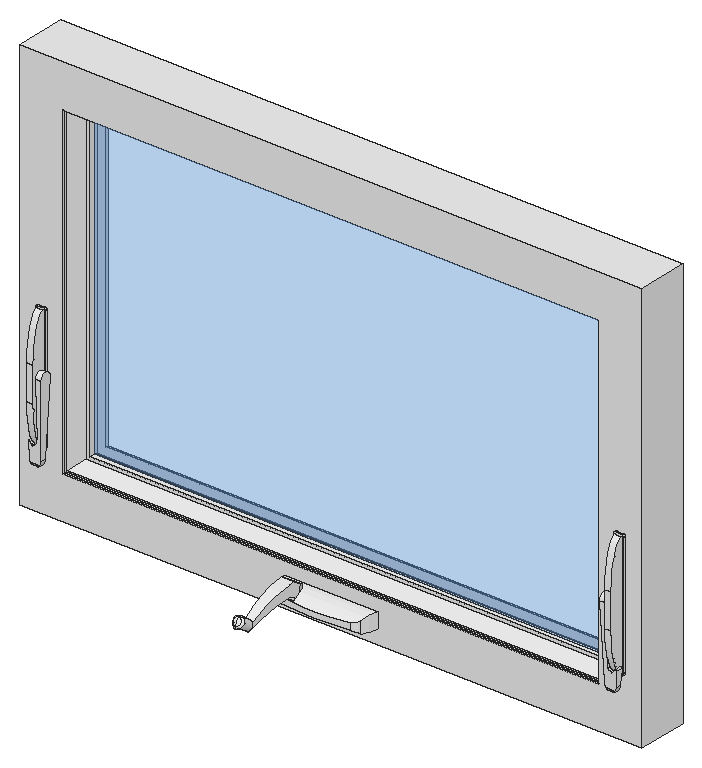
Revit family
Parameters (values of type "36" x 24"")
  Visible Light Transmission = 0.46
  Grid Width = Width - (2 3/8" * 2)  # 30 3/4"
  Grid Type [instance] = Grid-Milgard-Flat : 5/8"
  Grid Height = Height - (2 3/8" * 2)  # 18 3/4"
  URL = "http://pro.milgard.com/"
  U Values URL = "http://pro.milgard.com/_doc/products/performance-ratings/pdf/performanceratings-awning-casement-casementpicture.pdf"
  U Value = 0.29
  Style = "Awning"  # constant formula
  Solar Heat Gain Coefficient = 0.2
  Rough Width = Width + 1/2"  # 36"
  Rough Height = Height + 1/2"  # 24"
  R Value = 0
  Product Page URL = "http://pro.milgard.com/product-details/details.asp?p=105&n=style-line-awning-window"
  Product Documentation Link = "http://pro.milgard.com/architectural-library/vinyl-style-line.asp?p=105&n=vinyl-style-line-awning-window"
  Model = "Style Line™ Series"  # constant formula
  Manufacturer = "© 2012 Milgard Manufacturing, Inc."  # constant formula
  LEED Credit = ""
  Interior Frame Color [instance] = Vinyl - Milgard - White
  Height = 23 1/2"
  Has Grid [instance] = no
  Hardware Color [instance] = Vinyl - Milgard - White
  Green Building-LEED = "http://pro.milgard.com/milgard-initiatives/leed.asp"
  Glass Material [instance] = Glass - Milgard - P516
  Exterior Frame Color [instance] = Vinyl - Milgard - White
  Energy Star Zone = ""
  Description = "Vinyl Windows"  # constant formula
  Default Sill Height = 36"
  Wall Closure = (empty or 0)
  Width = 35 1/2"
  Assembly Code = "B2020100"
  Approximated Vertical Grid Spacing = 11"
  Approximated Horizontal Grid Spacing = 11"
  Air Leakage = 0
Types (4): name | Grid Width | Grid Height | Rough Width | Rough Height | Height | Width | Approximated Vertical Grid Spacing | Approximated Horizontal Grid Spacing
  (no name) | 30 3/4" | 18 3/4" | 36" | 24" | 23 1/2" | 35 1/2" | 11" | 11"
  36" x 24" | 30 3/4" | 18 3/4" | 36" | 24" | 23 1/2" | 35 1/2" | 11" | 11"
  48" x 36" | 42 3/4" | 30 3/4" | 48" | 36" | 35 1/2" | 47 1/2" | 11" | 11"
  18" x 12" | 12 3/4" | 6 3/4" | 18" | 12" | 11 1/2" | 17 1/2" | 10" | 10"
Reference planes (in)
  plane 1 "Center (Front/Back)": y = 0
  plane 2 "Center (Left/Right)": x = 0
  plane 3 "Left": x = -17.75
  plane 4 "Right": x = 17.75
  plane 5 "Sill": z = 36
  plane 6 "Top": z = 59.5
  plane 7 "Exterior": y = 3.93701
  plane 8 "Interior": y = -3.93701
  plane 9 "CL of Sash": y = 3.12451
  plane 10 "Top of Sash": z = 57.125
  plane 11 "Bottom of Sash": z = 38.375
  plane 12 "Center of Sash (Top/Bottom)": z = 47.75
  plane 13: z = 43
Forms (in)
  Sweep 1, solid, material "Vinyl - Milgard - White" <- "Exterior Frame Color"
    path origin (0, 3.12451, 0) x (0, 0, 1) y (-1, 0, 0)
      loop
        line (57.125, -15.375) -> (57.125, 15.375) -> (38.375, 15.375) -> (38.375, -15.375) -> (57.125, -15.375)
    profile "Window-Awning-Milgard-Sash-6410-2D : VX6302NF" origin (0, 3.12451, 57.125) x (0, 0, -1) y (0, -1, 0)
      loop
        line (0, -0.4375) -> (0, 0.4375) -> (0.5, 0.4375) -> (0.5, 0.70396) -> (0.29485, 0.70396) -> (0.02021, 1.72896) -> (-0.333, 1.72896) -> (-0.333, 0.23396) -> (-1.1195, 0.23396) -> (-1.1195, -0.56604) -> (-1.40625, -0.56604) -> (-1.40625, -0.73604) -> (-0.75, -0.73604) -> (-0.375, -0.63604) -> (-0.125, -0.63604) -> (-0.125, -0.5835) -> (0.5, -0.5835) -> (0.5, -0.4375) -> (0, -0.4375)
  Sweep 2, solid, material "Vinyl - Milgard - White" <- "Exterior Frame Color"
    path origin (-75.69749, 3.93701, 11.99263) x (1, 0, 0) y (0, 0, 1)
      loop
        line (93.44749, 47.50737) -> (57.94749, 47.50737) -> (57.94749, 24.00737) -> (93.44749, 24.00737) -> (93.44749, 47.50737)
    profile "Window-Awning-Milgard-Frame-6430J-2D : 6430J" origin (0, 3.93701, 59.5) x (0, 0, -1) y (0, -1, 0)
      loop
        line (1.232, 2.685) -> (2.0415, 2.685) -> (2.0415, 2.615) -> (2.3945, 2.615) -> (2.3945, 2.825) -> (2.4575, 2.825) -> (2.4575, 2.875) -> (0, 2.875) -> (0, 0) -> (0.74188, 0) -> (0.8821, 0.489) -> (0.8175, 0.489) -> (0.8175, 0.671) -> (0.78625, 0.671) -> (0.78625, 0.891) -> (0.8175, 0.891) -> (0.8175, 1.219) -> (1.232, 1.219) -> (1.232, 2.685)
Lines and regions (in)
  Opening 1
    outline origin (137.79528, -3.93701, 0) x (1, 0, 0) y (0, 0, 1)
      loop
        line (-120.04528, 36) -> (-120.04528, 59.5) -> (-155.54528, 59.5) -> (-155.54528, 36) -> (-120.04528, 36)
  Masking region 1
    outline origin (0, 0, 0) x (1, 0, 0) y (0, 1, 0)
      loop
        line (-17.75, 3.93701) -> (-17.75, 1.06201) -> (17.75, 1.06201) -> (17.75, 3.93701) -> (-17.75, 3.93701)
  symbolic lines
    curve 1: line (16.8305, 3.93701, 0) -> (16.8305, 1.06201, 0)
    curve 5: line (-16.8305, 1.06201, 0) -> (-16.8305, 3.93701, 0)
  symbolic lines, detail levels medium+fine
    curve 2: line (15.375, 3.93701, 0) -> (15.375, 2.40475, 0)
    curve 3: line (16.8305, 3.93701, 0) -> (15.375, 3.93701, 0)
    curve 4: line (15.375, 2.40475, 0) -> (16.8305, 2.40475, 0)
    curve 9: line (15.375, 2.40475, 0) -> (15.375, 3.93701, 0)
    curve 10: line (-15.375, 3.93701, 0) -> (-15.375, 2.40475, 0)
    curve 11: line (-16.8305, 3.93701, 0) -> (-15.375, 3.93701, 0)
    curve 12: line (-15.375, 2.40475, 0) -> (-16.8305, 2.40475, 0)
    curve 13: line (15.375, 3.93701, 0) -> (-0.7345, 3.93701, 0)
  symbolic lines, detail levels fine
    curve 6: line (1.857, 3.93701, 0) -> (15.375, 3.93701, 0)
    curve 7: line (1.857, 2.40475, 0) -> (15.375, 2.40475, 0)
    curve 16: line (15.375, 3.93701, 0) -> (-15.375, 3.93701, 0)
    curve 17: line (15.375, 2.40475, 0) -> (-15.375, 2.40475, 0)
  symbolic lines, style "WindowsGlassProjection", detail levels coarse
    curve 8: line (16.8305, 3.12451, 0) -> (-16.8305, 3.12451, 0)
  symbolic lines, style "WindowsGlassProjection", detail levels medium+fine
    curve 14: line (15.375, 3.56201, 0) -> (-15.375, 3.56201, 0)
    curve 15: line (15.375, 2.68701, 0) -> (-15.375, 2.68701, 0)
  symbolic lines, style "Elevation Swing"
    curve 18: line (-15.35479, -3.93701, 38.39521) -> (0, -3.93701, 57.046)
    curve 19: line (0, -3.93701, 57.046) -> (15.35479, -3.93701, 38.39521)
Text (in)
  text "EXTERIOR" at (-77.29147, 52.45485, 0), in view "Ref. Level"
  text "INTERIOR" at (-78.01048, -32.21994, 0), in view "Ref. Level"
  text "Exterior" at (0, 36.36817, 115.8778), in view "Right"
  text "Exterior" at (0, 40.96394, 105.72475), in view "Left"
Dimensions and locks (in)
  equal spacing: plane 3 "Left", plane 2 "Center (Left/Right)", plane 4 "Right"
  "Width": plane 3 "Left" to plane 4 "Right"
  "Height": plane 5 "Sill" to plane 6 "Top"
  "Default Sill Height": plane 5 "Sill" to level
  locked: plane 7 "Exterior" to host wall at 0
  locked: plane 8 "Interior" to host wall
  locked: plane 7 "Exterior" to plane 9 "CL of Sash" at 0.8125
  locked: plane 6 "Top" to plane 10 "Top of Sash" at 2.375
  locked: plane 5 "Sill" to plane 11 "Bottom of Sash" at 2.375
  equal spacing: plane 10 "Top of Sash", plane 12 "Center of Sash (Top/Bottom)", plane 11 "Bottom of Sash"
  locked: Sweep 1 sketch curve to plane 3 "Left" at 2.375
  locked: plane 13 to plane 5 "Sill" at 7
  locked: nested 3 to plane 5 "Sill" at 1.25
  locked: plane 3 "Left" to nested 4 at 1.25
  locked: nested 5 to plane 4 "Right" at 1.25
  locked: plane 4 "Right" to Sweep 1 sketch curve at 2.375
  locked: curve 4 to plane 7 "Exterior" at 1.53225
  aligned and locked: plane 7 "Exterior" to Masking region 1 sketch curve
  aligned and locked: Masking region 1 sketch curve to plane 3 "Left"
  aligned and locked: plane 4 "Right" to Masking region 1 sketch curve
  aligned and locked: plane 7 "Exterior" to curve 1
  aligned and locked: Masking region 1 to curve 1
  aligned and locked: plane 7 "Exterior" to curve 5
  aligned and locked: Masking region 1 to curve 5
  aligned and locked: plane 12 "Center of Sash (Top/Bottom)" to nested 1
  aligned and locked: plane 12 "Center of Sash (Top/Bottom)" to nested 2
  aligned and locked: Sweep 1 sketch curve to plane 10 "Top of Sash"
  aligned and locked: plane 11 "Bottom of Sash" to Sweep 1 sketch curve
  aligned and locked: curve 8 to plane 9 "CL of Sash"
  aligned and locked: curve 9 to curve 14
  aligned and locked: curve 10 to curve 15
  aligned and locked: curve 11 to curve 16
  aligned and locked: Sweep 2 sketch curve to Sweep 2 sketch curve
  aligned and locked: plane 5 "Sill" to Sweep 2 sketch curve
  aligned and locked: plane 6 "Top" to Sweep 2 sketch curve
  aligned and locked: Sweep 2 sketch curve to plane 3 "Left"
  aligned and locked: curve 10 to nested 1
  aligned and locked: curve 9 to Sweep 1
  aligned and locked: plane 13 to nested 4
  aligned and locked: nested 5 to plane 13
  aligned and locked: nested 3 to plane 2 "Center (Left/Right)"
  aligned and locked: Sweep 2 sketch curve to plane 4 "Right"
  aligned and locked: plane 2 "Center (Left/Right)" to nested 1
  aligned and locked: plane 2 "Center (Left/Right)" to nested 2
  aligned: Masking region 1 to nested 4
  aligned: nested 3 to Masking region 1
  aligned: nested 5 to Masking region 1
  aligned and locked: nested 5 to Sweep 2
  aligned and locked: nested 3 to Sweep 2
  aligned and locked: Sweep 2 to nested 4
  aligned and locked: Masking region 1 to Sweep 2
  aligned and locked: curve 1 to curve 8
  aligned and locked: curve 17 to curve 4
  aligned and locked: curve 4 to curve 12
  aligned and locked: curve 14 to nested 1
  aligned and locked: curve 15 to nested 1
  aligned and locked: Masking region 1 sketch curve to Sweep 2
Automatic sketch dimensions
  plane 3 "Left" to Opening 1 sketch curve = 0"
  plane 4 "Right" to Opening 1 sketch curve = 0"
  Opening 1 sketch curve to plane 5 "Sill" = 0"
  Opening 1 sketch curve to plane 6 "Top" = 0"
  plane 2 "Center (Left/Right)" to curve 19 = 0"
  plane 11 "Bottom of Sash" to curve 18 = 0.02021"
  curve 18 to plane 3 "Left" = 2.39521"
  plane 11 "Bottom of Sash" to curve 19 = 0.02021"
  plane 4 "Right" to curve 19 = 2.39521"
  curve 19 to plane 10 "Top of Sash" = 0.079"
  curve 12 to plane 3 "Left" = 0.9195"
  plane 2 "Center (Left/Right)" to curve 13 = 0.7345"
  curve 7 to curve 9 = 0"
  plane 4 "Right" to curve 1 = 0.9195"
  curve 6 to curve 7 = 0"
  curve 7 to plane 2 "Center (Left/Right)" = 1.857"
Nested families (in)
  nested 1: "Glazing-Milgard" at (0, 3.12451, 47.75) x (-1, 0, 0) z (0, -1, 0), Width <- "Grid Width", Height <- "Grid Height", type "Glazing-Milgard"
    with Width 30 3/4", Thick 7/8", Height 18 3/4"
  nested 2: "Grid-Milgard-Flat" at (0, 3.12451, 47.75) x (-1, 0, 0) z (0, -1, 0), Y Grid Spacing <- "Approximated Vertical Grid Spacing", X Grid Spacing <- "Approximated Horizontal Grid Spacing", visible <- "Has Grid", Interior Grid Material <- "Interior Frame Color", Grid Material <- "Exterior Frame Color", Width <- "Grid Width", Height <- "Grid Height", type <- "Grid Type", type "5/8""
    with Y Single Grid yes, Y Multiple Grid no, Y Grid Spacing 11", Y Grid Qty 1, Y Grid Location 0", Y Grid Array 2, X Single Grid no, X Multiple Grid yes, X Grid Spacing 11", X Grid Qty 2, X Grid Location 5 1/2", X Grid Array 2, Width 30 3/4", Interior Grid Material Vinyl - Milgard - White, Height 18 3/4", Grid Material Vinyl - Milgard - White
  nested 3: "Handle-Milgard-Style_Line" at (0, 1.06201, 37.25) x (1, 0, 0) z (0, -1, 0), type "Handle-Milgard-Folding_Nesting_Operator_Handle", detail levels medium+fine
  nested 4: "Lock-Milgard-Style_Line" at (-16.5, 1.06201, 43) x (-1, 0, 0) z (0, -1, 0), type "Lock", detail levels fine
  nested 5: "Lock-Milgard-Style_Line" at (16.5, 1.06201, 43) x (1, 0, 0) z (0, -1, 0), type "Lock", detail levels fine
Definition of nested family "Glazing-Milgard"
  Parameters (values of type "Glazing-Milgard")
    Width [instance] = 30"
    Thick [instance] = 1"
    Material = none
    Height [instance] = 30"
    Default Elevation = 48"
    Assembly Code = ""
  Reference planes (in)
    plane 1 "Center (Elevation)": y = 0
    plane 2: z = 0
    plane 3 "Center (Left/Right)": x = 0
    plane 4 "Top": y = 15
    plane 5 "Bottom": y = -15
    plane 6 "Left": x = -15
    plane 7 "Right": x = 15
    plane 8 "Front": z = 0.5
    plane 9 "Back": z = -0.5
  Forms (in)
    Extrusion 1, solid, material <- "Material"
      sketch origin (0, 0, 0) x (1, 0, 0) y (0, 0, 1)
        loop
          line (-15, 0.5) -> (-15, 0.375) -> (15, 0.375) -> (15, 0.5) -> (-15, 0.5)
        loop
          line (-15, -0.375) -> (-15, -0.5) -> (15, -0.5) -> (15, -0.375) -> (-15, -0.375)
      from -15 to 15
  Dimensions and locks (in)
    equal spacing: plane 6 "Left", plane 3 "Center (Left/Right)", plane 7 "Right"
    "Width": plane 6 "Left" to plane 7 "Right"
    equal spacing: plane 4 "Top", plane 1 "Center (Elevation)", plane 5 "Bottom"
    "Height": plane 4 "Top" to plane 5 "Bottom"
    equal spacing: plane 8 "Front", level, plane 9 "Back"
    "Thick": plane 8 "Front" to plane 9 "Back"
    locked: plane 8 "Front" to Extrusion 1 sketch curve at 0.125
    locked: Extrusion 1 sketch curve to plane 9 "Back" at 0.125
    aligned and locked: level to plane 2
    aligned and locked: plane 9 "Back" to Extrusion 1 sketch curve
    aligned and locked: Extrusion 1 sketch curve to plane 7 "Right"  (x2)
    aligned and locked: plane 6 "Left" to Extrusion 1 sketch curve  (x2)
    aligned and locked: Extrusion 1 sketch curve to plane 8 "Front"
    aligned and locked: plane 4 "Top" to Extrusion 1
    aligned and locked: Extrusion 1 to plane 5 "Bottom"
  Automatic sketch dimensions
    plane 9 "Back" to Extrusion 1 sketch curve = 1/8"
Definition of nested family "Grid-Milgard-Flat"
  Parameters (values of type "7/8"")
    Y Single Grid [instance] = Y Grid Qty = 1  # no
    Y Multiple Grid [instance] = Y Grid Qty > 1  # yes
    Y Grid Spacing [instance] = 10"
    Y Grid Qty [instance] = if(Height < 15", (Height / Y Grid Spacing), (Height / Y Grid Spacing) - 1)  # 3
    Y Grid Location [instance] = ((Y Grid Qty - 1) * Y Grid Spacing) / 2  # 10"
    Y Grid Array [instance] = if(Y Grid Qty = 1, Y Grid Qty + 1, Y Grid Qty)  # 3
    X Single Grid [instance] = X Grid Qty = 1  # no
    X Multiple Grid [instance] = X Grid Qty > 1  # yes
    X Grid Spacing [instance] = 10"
    X Grid Qty [instance] = if(Width < 15", (Width / X Grid Spacing), (Width / X Grid Spacing) - 1)  # 3
    X Grid Location [instance] = ((X Grid Qty - 1) * X Grid Spacing) / 2  # 10"
    X Grid Array [instance] = if(X Grid Qty = 1, X Grid Qty + 1, X Grid Qty)  # 3
    Width [instance] = 40"
    Interior Grid Material [instance] = none
    Height [instance] = 40"
    Grid Material [instance] = none
    Default Elevation = 48"
    Assembly Code = ""
  Types (2): name
    7/8"
    5/8"
  Reference planes (in)
    plane 1 "Center (Front/Back)": y = 0
    plane 2: z = 0
    plane 3 "Center (Left/Right)": x = 0
    plane 4 "Left": x = -20
    plane 5 "Right": x = 20
    plane 6 "Top": y = 20
    plane 7 "Bottom": y = -20
  Dimensions and locks (in)
    equal spacing: plane 4 "Left", plane 3 "Center (Left/Right)", plane 5 "Right"
    equal spacing: plane 6 "Top", plane 1 "Center (Front/Back)", plane 7 "Bottom"
    "Width": plane 4 "Left" to plane 5 "Right"
    "Height": plane 6 "Top" to plane 7 "Bottom"
    equal spacing: group 1, group 2, group 5  (x3)
    "X Grid Spacing": nested 1 to nested 3
    equal spacing: group 3, group 4, group 6  (x2)
    equal spacing: group 6, group 4, group 3
    "Y Grid Location": plane 1 "Center (Front/Back)" to nested 2
    "Y Grid Spacing": nested 4 to nested 2
    "X Grid Location": nested 1 to plane 3 "Center (Left/Right)"
    aligned and locked: nested 1 to plane 1 "Center (Front/Back)"
    aligned and locked: plane 3 "Center (Left/Right)" to nested 2
    aligned and locked: nested 3 to plane 1 "Center (Front/Back)"
    aligned and locked: plane 1 "Center (Front/Back)" to nested 5
    aligned and locked: plane 4 "Left" to nested 5
    aligned and locked: plane 5 "Right" to nested 5
    aligned and locked: plane 6 "Top" to nested 6
    aligned and locked: plane 3 "Center (Left/Right)" to nested 6
    aligned and locked: plane 4 "Left" to nested 7
    aligned and locked: plane 5 "Right" to nested 7
    aligned and locked: plane 4 "Left" to nested 8
    aligned and locked: plane 5 "Right" to nested 8
    aligned and locked: plane 1 "Center (Front/Back)" to nested 8
    aligned and locked: nested 9 to plane 6 "Top"
    aligned and locked: nested 9 to plane 3 "Center (Left/Right)"
    aligned and locked: plane 1 "Center (Front/Back)" to nested 7
    aligned and locked: nested 10 to plane 6 "Top"
    aligned and locked: nested 10 to plane 3 "Center (Left/Right)"
  Nested families (in)
    nested 1: "Grid_Bar-Milgard-Flat" at (-10, 0, 0) x (0, 1, 0) z (0, 0, 1), Grid Length <- "Height", visible <- "X Multiple Grid", type "7/8""
      with Grid Length 40"
    nested 2: "Grid_Bar-Milgard-Flat" at (0, 10, 0), Grid Length <- "Width", visible <- "Y Multiple Grid", type "7/8""
      with Grid Length 40"
    nested 3: "Grid_Bar-Milgard-Flat" at (0, 0, 0) x (0, 1, 0) z (0, 0, 1), Grid Length <- "Height", visible <- "X Multiple Grid", type "7/8""
      with Grid Length 40"
    nested 4: "Grid_Bar-Milgard-Flat" at (0, 0, 0), Grid Length <- "Width", visible <- "Y Multiple Grid", type "7/8""
      with Grid Length 40"
    nested 5: "Grid_Bar-Milgard-Flat" at (0, 0, 0), visible <- "Y Single Grid", Grid Length <- "Width", type "7/8""
      with Grid Length 40"
    nested 6: "Grid_Bar-Milgard-Flat" at (0, 0, 0) x (0, 1, 0) z (0, 0, 1), visible <- "X Single Grid", Grid Length <- "Height", type "7/8""
      with Grid Length 40"
    nested 7: "Grid_Bar-Milgard-Flat" at (0, 0, 0), visible <- "Y Single Grid", Grid Length <- "Width", type "7/8""
      with Grid Length 40"
    nested 8: "Grid_Bar-Milgard-Flat" at (0, 0, 0), Grid Length <- "Width", visible <- "Y Single Grid", type "7/8""
      with Grid Length 40"
    nested 9: "Grid_Bar-Milgard-Flat" at (0, 0, 0) x (0, -1, 0) z (0, 0, 1), Grid Length <- "Height", visible <- "X Single Grid", type "7/8""
      with Grid Length 40"
    nested 10: "Grid_Bar-Milgard-Flat" at (0, 0, 0) x (0, -1, 0) z (0, 0, 1), visible <- "X Single Grid", Grid Length <- "Height", type "7/8""
      with Grid Length 40"
    nested 11: "Grid_Bar-Milgard-Flat" at (10, 0, 0) x (0, 1, 0) z (0, 0, 1), Grid Length <- "Height", visible <- "X Multiple Grid", type "7/8""
      with Grid Length 40"
    nested 12: "Grid_Bar-Milgard-Flat" at (0, -10, 0), Grid Length <- "Width", visible <- "Y Multiple Grid", type "7/8""
      with Grid Length 40"
  Definition of nested family "Grid_Bar-Milgard-Flat"
    Parameters (values of type "5/8"")
      Interior Material = none
      Grid Material = none
      Grid Length [instance] = 46 1/2"
      Grid Height = 5/8"
      Grid Depth = 3/16"
      Default Elevation = 48"
      Assembly Code = ""
    Types (2): name | Grid Height
      5/8" | 5/8"
      7/8" | 7/8"
    Reference planes (in)
      plane 1 "Center (Front/Back)": y = 0
      plane 2: z = 0
      plane 3 "Center (Left/Right)": x = 0
      plane 4 "Left": x = -23.25
      plane 5 "Right": x = 23.25
      plane 6: y = 0.3125
      plane 7: y = -0.3125
      plane 8: z = 0.09375
      plane 9: z = -0.09375
    Forms (in)
      Sweep 1, solid, material <- "Grid Material"
        path origin (0, 0, 0) x (1, 0, 0) y (0, 1, 0)
          loop
            line (-23.25, 0) -> (23.25, 0)
        profile origin (0, 0, 0) x (0, 1, 0) y (0, 0, 1)
          loop
            line (0.3125, 0.09375) -> (-0.3125, 0.09375) -> (-0.3125, -0.09375) -> (0.3125, -0.09375) -> (0.3125, 0.09375)
    Lines and regions (in)
      symbolic lines, detail levels coarse+medium
        curve 1: line (-23.25, 0, 0) -> (23.25, 0, 0)
      symbolic lines, detail levels fine
        curve 2: line (-23.25, 0.3125, 0) -> (23.25, 0.3125, 0)
        curve 3: line (-23.25, -0.3125, 0) -> (23.25, -0.3125, 0)
    Dimensions and locks (in)
      equal spacing: plane 4 "Left", plane 3 "Center (Left/Right)", plane 5 "Right"
      "Grid Length": plane 4 "Left" to plane 5 "Right"
      equal spacing: plane 6, plane 1 "Center (Front/Back)", plane 7
      equal spacing: plane 8, plane 2, plane 9
      "Grid Height": plane 6 to plane 7
      "Grid Depth": plane 8 to plane 9
      aligned and locked: plane 6 to Sweep 1 sketch curve
      aligned and locked: Sweep 1 sketch curve to plane 7
      aligned and locked: Sweep 1 sketch curve to plane 8
      aligned and locked: plane 9 to Sweep 1 sketch curve
      aligned and locked: plane 1 "Center (Front/Back)" to curve 1
      aligned and locked: plane 4 "Left" to curve 1
      aligned and locked: plane 5 "Right" to curve 1
      aligned and locked: plane 4 "Left" to curve 2
      aligned and locked: plane 4 "Left" to curve 3
      aligned and locked: plane 5 "Right" to curve 2
      aligned and locked: plane 5 "Right" to curve 3
      aligned and locked: plane 6 to curve 2
      aligned and locked: plane 7 to curve 3
    Automatic sketch dimensions
      plane 1 "Center (Front/Back)" to Sweep 1 sketch curve = 0"
      Sweep 1 sketch curve to plane 4 "Left" = 0"
      Sweep 1 sketch curve to plane 5 "Right" = 0"
Definition of nested family "Handle-Milgard-Style_Line"
  Parameters (values of type "Handle-Milgard-Style_Line")
    Material = none
    Assembly Code = ""
  Types (2): name | Material
    Handle-Milgard-Style_Line | none
    Handle-Milgard-Folding_Nesting_Operator_Handle | Vinyl - Milgard - White
  Reference planes (in)
    plane 1 "Center (Front/Back)": y = 0
    plane 2: z = 0
    plane 3 "Center (Left/Right)": x = 0
  Forms (in)
    Extrusion 1, solid, material <- "Material"
      sketch origin (0, 0, 0) x (-1, 0, 0) y (0, 0, 1)
        loop
          line (-2.67, 0) -> (2.67, 0)
          arc (2.67, 0) -> (2.56406, 0.44241) -> (2.39196, 0.86351) r 2.97732
          arc (2.39196, 0.86351) -> (2.22981, 1.05045) -> (1.99788, 1.13674) r 0.5
          arc (1.99788, 1.13674) -> (0, 1.24284) -> (-1.99788, 1.13674) r 18.86378
          arc (-1.99788, 1.13674) -> (-2.22981, 1.05045) -> (-2.39196, 0.86351) r 0.5
          arc (-2.39196, 0.86351) -> (-2.56406, 0.44241) -> (-2.67, 0) r 2.97732
      from -0.75 to 0.75
    Extrusion 2, void
      sketch origin (0, 0, 0) x (0, -1, 0) y (0, 0, 1)
        loop
          line (0.45348, -0.15227) -> (1.02877, -0.15227) -> (1.02877, 1.41883) -> (0.24249, 1.41883) -> (0.24249, 1.11523) -> (0.45348, 0.76409) -> (0.45348, -0.15227)
        loop
          line (0.10824, 1.41883) -> (-1.02877, 1.41883) -> (-1.02877, -0.15227) -> (-0.44203, -0.15227)
          arc (-0.44203, -0.15227) -> (-0.34751, 0.69654) -> (0.10824, 1.41883) r 1.90578
      from -3 to 3
    Revolve 3, solid, material <- "Material"
      sketch origin (-1.59539, 0, 0) x (0, 0, 1) y (0, 1, 0)
        loop
          line (3.97763, 0) -> (4.11743, -0.20726) -> (4.78054, 0.16031) -> (4.80938, 0.29599) -> (4.71212, 0.49541) -> (3.97763, 0)
        axis (3.97763, 0) -> (4.71212, 0.49541)
      angle from 0 to 360
    Extrusion 4, solid, material <- "Material"
      sketch origin (-1.59539, 0, 0) x (0, 0, 1) y (0, 1, 0)
        loop
          line (4.06963, -0.24941) -> (4.11124, -0.2078) -> (3.85083, 0.1932)
          arc (3.85083, 0.1932) -> (2.53203, 0.81814) -> (1.0944, 1.06919) r 5.4286
          line (1.0944, 1.06919) -> (0.06626, 0.37571) -> (0.06626, 0.08871) -> (1.1204, 0.08871) -> (1.1204, 0.24999) -> (1.35099, 0.39408)
          arc (1.35099, 0.39408) -> (2.74889, 0.23535) -> (4.06963, -0.24941) r 5.90795
      from -0.5 to 0.5
    Extrusion 5, void
      sketch origin (0, 0, 0) x (-1, 0, 0) y (0, 0, 1)
        loop
          arc (1.48493, 0.26126) -> (1.33749, 0.44873) -> (1.24387, 0.66809) r 0.9091
          arc (1.24387, 0.66809) -> (1.29006, 2.42911) -> (1.45743, 4.18277) r 25.56322
          line (1.45743, 4.18277) -> (1.00214, 4.18277) -> (1.00214, -0.19366) -> (2.18863, -0.19366) -> (2.18863, 4.18277) -> (1.73335, 4.18277)
          arc (1.73335, 4.18277) -> (1.90071, 2.42911) -> (1.9469, 0.66809) r 25.56322
          arc (1.9469, 0.66809) -> (1.85329, 0.44873) -> (1.70584, 0.26126) r 0.9091
          arc (1.70584, 0.26126) -> (1.59539, 0.21632) -> (1.48493, 0.26126) r 0.15821
      from -0.82681 to 1.30859
  Cuts and joins
    Extrusion 2 cuts Extrusion 1
    Extrusion 5 cuts Extrusion 4
    joined: Extrusion 1, Extrusion 4
  Lines and regions (in)
    model lines
      curve 1: line (-2.66635, 0, 0) -> (2.66635, 0, 0)
      curve 2: line (0, 0.45348, 0) -> (0, -0.45348, 0)
  Dimensions and locks (in)
    aligned and locked: Extrusion 1 sketch curve to curve 1
Definition of nested family "Lock-Milgard-Style_Line"
  Parameters (values of type "By Type")
    Default Elevation = 48"
    Casement Lock Color = none
    Assembly Code = ""
  Types (2): name | Casement Lock Color
    By Type | none
    Lock | Vinyl - Milgard - White
  Reference planes (in)
    plane 1 "Center (Front/Back)": y = 0
    plane 2: z = 0
    plane 3 "Center (Left/Right)": x = 0
    plane 4 "Left": x = -0.1875
    plane 5 "Right": x = 0.1875
    plane 6: y = 3.5
    plane 7: y = -3.5
    plane 8 "Top": z = 0.875
    plane 9 "Top Align": y = 4.34431
    plane 10 "Bottom Align": y = -3.60156
  Forms (in)
    Extrusion 1, solid, material <- "Casement Lock Color"
      sketch origin (0, 0, 0) x (0, 1, 0) y (0, 0, 1)
        loop
          line (3.5, 0) -> (3.5, 0.11508)
          spline (3.5, 0.11508) -> (3.47861, 0.21427) -> (3.41481, 0.31176) -> (3.3097, 0.40589) -> (3.16506, 0.49504) -> (2.98338, 0.57769) -> (2.76777, 0.65242) -> (2.5219, 0.71796) -> (2.25, 0.77319) -> (1.95671, 0.81715) -> (1.64705, 0.84911) -> (1.32632, 0.8685) -> (1, 0.875)
          line (1, 0.875) -> (-1, 0.875)
          spline (-1, 0.875) -> (-1.32632, 0.8685) -> (-1.64705, 0.84911) -> (-1.95671, 0.81715) -> (-2.25, 0.77319) -> (-2.5219, 0.71796) -> (-2.76777, 0.65242) -> (-2.98338, 0.57769) -> (-3.16506, 0.49504) -> (-3.3097, 0.40589) -> (-3.41481, 0.31176) -> (-3.47861, 0.21427) -> (-3.5, 0.11508)
          line (-3.5, 0.11508) -> (-3.5, 0) -> (3.5, 0)
      from -0.1875 to 0.1875
    Extrusion 2, solid, material <- "Casement Lock Color"
      sketch origin (0, 0, 0) x (0, 1, 0) y (0, 0, 1)
        loop
          arc (-0.24931, 0.75958) -> (-0.57525, 0.44737) -> (-0.24931, 0.13516) r 0.3125
          line (-0.24931, 0.13516) -> (4.22964, 0.32795)
          arc (4.22964, 0.32795) -> (4.34403, 0.44737) -> (4.22964, 0.56679) r 0.11953
          line (4.22964, 0.56679) -> (-0.24931, 0.75958)
      from 0.55369 to -0.55369
    Extrusion 3, void
      sketch origin (0, 0, 0) x (1, 0, 0) y (0, 1, 0)
        loop
          line (-0.55369, -0.57525) -> (-0.1875, -0.57525) -> (-0.1875, 3.10354)
          spline (-0.1875, 3.10354) -> (-0.18111, 3.15079) -> (-0.16238, 3.19481) -> (-0.13258, 3.23262) -> (-0.09375, 3.26163) -> (-0.04853, 3.27986) -> (0, 3.28608) -> (0.04853, 3.27986) -> (0.09375, 3.26163) -> (0.13258, 3.23262) -> (0.16238, 3.19481) -> (0.18111, 3.15079) -> (0.1875, 3.10354)
          spline (0.1875, 3.10354) -> (0.19079, 3.08734) -> (0.19713, 3.07421) -> (0.20591, 3.06426) -> (0.21649, 3.0576) -> (0.22826, 3.0543) -> (0.24059, 3.05449) -> (0.25283, 3.05819) -> (0.2643, 3.06528) -> (0.2743, 3.07564) -> (0.28212, 3.0891) -> (0.28707, 3.10553) -> (0.28844, 3.12479)
          line (0.28844, 3.12479) -> (0.26107, 4.00126)
          spline (0.26107, 4.00126) -> (0.24483, 4.09282) -> (0.20868, 4.17706) -> (0.15486, 4.24874) -> (0.08673, 4.30338) -> (0.00854, 4.3376) -> (-0.07485, 4.34924) -> (-0.15824, 4.3376) -> (-0.23643, 4.30338) -> (-0.30456, 4.24874) -> (-0.35838, 4.17706) -> (-0.39453, 4.09282) -> (-0.41077, 4.00126)
          line (-0.41077, 4.00126) -> (-0.55369, -0.57525)
        loop
          line (-1.14541, 4.77381) -> (-1.14541, -0.97619) -> (1.10459, -0.97619) -> (1.10459, 4.77381) -> (-1.14541, 4.77381)
      from 0 to 12
    Extrusion 4, solid, material <- "Casement Lock Color"
      sketch origin (0, 0, 0) x (1, 0, 0) y (0, 1, 0)
        loop
          arc (-0.28906, -3.49135) -> (-0.25678, -3.56928) -> (-0.17885, -3.60156) r 0.11022
          line (-0.17885, -3.60156) -> (0.18158, -3.60156)
          arc (0.18158, -3.60156) -> (0.25758, -3.57008) -> (0.28906, -3.49408) r 0.10748
          line (0.28906, -3.49408) -> (0.28906, 3.49085)
          arc (0.28906, 3.49085) -> (0.25664, 3.56914) -> (0.17835, 3.60156) r 0.11071
          line (0.17835, 3.60156) -> (-0.17812, 3.60156)
          arc (-0.17812, 3.60156) -> (-0.25657, 3.56907) -> (-0.28906, 3.49062) r 0.11094
          line (-0.28906, 3.49062) -> (-0.28906, -3.49135)
      from 0 to 0.12023
  Cuts and joins
    Extrusion 3 cuts Extrusion 2
  Lines and regions (in)
    Masking region 1
      outline origin (0, 0, 0) x (1, 0, 0) y (0, 0, 1)
        loop
          line (-0.28906, 0) -> (0.28906, 0) -> (0.28906, 0.0816)
          arc (0.28906, 0.0816) -> (0.27543, 0.11404) -> (0.24289, 0.12745) r 0.04617
          line (0.24289, 0.12745) -> (0.24289, 0.77718)
          spline (0.24289, 0.77718) -> (0.23462, 0.80249) -> (0.21035, 0.82609) -> (0.17175, 0.84635) -> (0.12145, 0.86189) -> (0.06287, 0.87167) -> (0, 0.875) -> (-0.06287, 0.87167) -> (-0.12145, 0.86189) -> (-0.17175, 0.84635) -> (-0.21035, 0.82609) -> (-0.23462, 0.80249) -> (-0.24289, 0.77718)
          line (-0.24289, 0.77718) -> (-0.46721, 0.77718)
          arc (-0.46721, 0.77718) -> (-0.52152, 0.75468) -> (-0.54402, 0.70037) r 0.07681
          line (-0.54402, 0.70037) -> (-0.54402, 0.19142)
          arc (-0.54402, 0.19142) -> (-0.52071, 0.13516) -> (-0.46445, 0.11186) r 0.07957
          line (-0.46445, 0.11186) -> (-0.27749, 0.11186)
          arc (-0.27749, 0.11186) -> (-0.28602, 0.09778) -> (-0.28906, 0.0816) r 0.04617
          line (-0.28906, 0.0816) -> (-0.28906, 0)
    model lines, style "InvisibleLines"
      curve 1: line (-0.1875, 3.5, 0) -> (-0.1875, -3.5, 0)
      curve 2: line (0.1875, 3.5, 0) -> (0.1875, -3.5, 0)
    symbolic lines, detail levels medium+fine
      curve 3: line (-0.24289, 0, 0.77718) -> (-0.24289, 0, 0.12745)
      curve 4: arc (-0.28906, 0, 0.0816) -> (-0.27543, 0, 0.11404) -> (-0.24289, 0, 0.12745) r 0.04617
  Dimensions and locks (in)
    equal spacing: plane 4 "Left", plane 3 "Center (Left/Right)", plane 5 "Right"
    equal spacing: plane 6, plane 1 "Center (Front/Back)", plane 7
    plane 5 "Right" to plane 4 "Left" = 3/8"
    equal spacing: Extrusion 2, plane 3 "Center (Left/Right)", Extrusion 2
    plane 7 to plane 6 = 7"
    aligned and locked: plane 7 to Extrusion 1
    aligned: Extrusion 1 to plane 6
    aligned and locked: Extrusion 1 to plane 4 "Left"
    aligned and locked: plane 5 "Right" to Extrusion 1
  Automatic sketch dimensions
    plane 1 "Center (Front/Back)" to Extrusion 2 sketch curve = 0.26275"
    Extrusion 2 sketch curve to Extrusion 2 sketch curve = 0.01344"  (x2)
    level to Extrusion 2 sketch curve = 0.13516"
    level to Extrusion 2 sketch curve = 0.44737"
    Extrusion 2 sketch curve to plane 6 = 0.7245"
    level to Extrusion 2 sketch curve = 0.32795"
    Extrusion 2 sketch curve to Extrusion 2 sketch curve = 0.00514"  (x2)
    Extrusion 2 sketch curve to Extrusion 2 sketch curve = 0.31221"
    curve 1 to plane 4 "Left" = 0"
    curve 2 to plane 5 "Right" = 0"
    plane 7 to curve 1 = 0"
    plane 7 to curve 2 = 0"
    plane 6 to curve 2 = 0"
    plane 6 to curve 1 = 0"
    Extrusion 1 sketch curve to level = 0"
    Extrusion 1 sketch curve to plane 7 = 0"
    Extrusion 1 sketch curve to plane 8 "Top" = 0"
    Extrusion 1 sketch curve to plane 6 = 0"
    level to Extrusion 1 sketch curve = 0.11508"  (x2)
    plane 1 "Center (Front/Back)" to Extrusion 1 sketch curve = 1 1/2"
    Extrusion 1 sketch curve to Extrusion 1 sketch curve = 1/2"
    Extrusion 3 sketch curve to plane 4 "Left" = 0"
    Extrusion 3 sketch curve to plane 3 "Center (Left/Right)" = 0"
    Extrusion 3 sketch curve to plane 4 "Left" = 0.22327"
    Extrusion 3 sketch curve to plane 4 "Left" = 0.36619"
    Extrusion 3 sketch curve to plane 4 "Left" = 0.95791"
    Extrusion 3 sketch curve to plane 3 "Center (Left/Right)" = 0.07485"
    plane 5 "Right" to Extrusion 3 sketch curve = 0.07357"
    Extrusion 3 sketch curve to Extrusion 3 sketch curve = 0.00081"
    plane 5 "Right" to Extrusion 3 sketch curve = 0.10094"
    plane 5 "Right" to Extrusion 3 sketch curve = 0.91709"
    plane 1 "Center (Front/Back)" to Extrusion 3 sketch curve = 0.97619"
    plane 1 "Center (Front/Back)" to Extrusion 3 sketch curve = 0.57525"
    plane 6 to Extrusion 3 sketch curve = 0.39646"
    Extrusion 3 sketch curve to Extrusion 3 sketch curve = 0.02124"
    Extrusion 3 sketch curve to plane 6 = 0.47537"
    Extrusion 3 sketch curve to Extrusion 3 sketch curve = 0.02589"
    Extrusion 3 sketch curve to Extrusion 3 sketch curve = 0.77255"
    Extrusion 4 sketch curve to plane 7 = 0.00865"
    Extrusion 4 sketch curve to plane 4 "Left" = 13/128"
    plane 4 "Left" to Extrusion 4 sketch curve = 0.00865"
    plane 4 "Left" to Extrusion 4 sketch curve = 0.00938"
    Extrusion 4 sketch curve to plane 5 "Right" = 0.00915"
    Extrusion 4 sketch curve to plane 5 "Right" = 0.00592"
    Extrusion 4 sketch curve to plane 7 = 0.00592"
    plane 6 to Extrusion 4 sketch curve = 0.00938"
    Masking region 1 sketch curve to level = 0"
    Masking region 1 sketch curve to plane 3 "Center (Left/Right)" = 0"
    Masking region 1 sketch curve to plane 4 "Left" = 0.05539"  (x2)
    Masking region 1 sketch curve to Masking region 1 sketch curve = 0.0346"
    Masking region 1 sketch curve to Masking region 1 sketch curve = 0.04617"  (x2)
    Masking region 1 sketch curve to Masking region 1 sketch curve = 0.17539"
    Masking region 1 sketch curve to Masking region 1 sketch curve = 0.22432"
    Masking region 1 sketch curve to Masking region 1 sketch curve = 0.07957"
    Masking region 1 sketch curve to Masking region 1 sketch curve = 0"
    level to Masking region 1 sketch curve = 0.08128"  (x2)
    Masking region 1 sketch curve to Masking region 1 sketch curve = 0.00032"  (x2)
    Masking region 1 sketch curve to plane 8 "Top" = 0.17463"
    curve 4 to plane 4 "Left" = 13/128"
    curve 4 to curve 4 = 0.04617"
    level to curve 4 = 0.08128"
    curve 4 to curve 4 = 0.00032"
    curve 3 to plane 8 "Top" = 0.09782"
